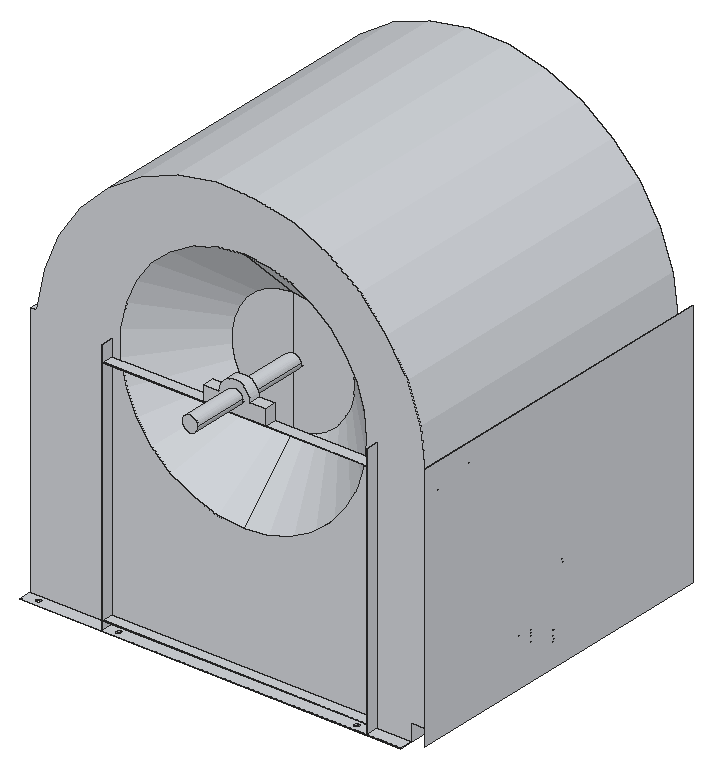
Revit family "CA_DWDI_CCW_BHD", category Mechanical Equipment, Revit 2019 (continued)
Types (61): name | X/2 | X | W/2 | W | V | U | T | S | R/2 | R+R | R | P-N-M | P-N | P | N | M/2 | M | L | K | J | INLET/2 | INLET | H-1.5 | H | G/5*3 | G/10*3 | G-2.5" | G-(G/5*3) | G+((G/5*3)+2") | G | F-((D-A)/2) | F | E/2 | E | D/2 | D | BHD_L | B/2 | B+.25" | B | A/2 | A+.25" | A | Type Comments | -P | -((B+.25")/2) | (M-(B+.25"))/2 | (G/5*3)+2" | (D-A-.25")/2 | ((B+.25")/2)
  540_CA-DWDI_CCW_BHD_CLASS_2 | 44 5/32" | 88 5/16" | 17/32" | 1 1/16" | 20" | 29" | 40 23/32" | 81 7/16" | 1 31/32" | 7 7/8" | 3 15/16" | 2 1/4" | -86 3/16" | 99 15/16" | 13 3/4" | 41 31/32" | 83 15/16" | 41 31/32" | 94" | 52 1/4" | 30" | 60" | 97 1/4" | 98 3/4" | 30" | 15" | 58 1/16" | 2" | 124" | 62" | 103 19/32" | 105 13/16" | 41 3/16" | 82 3/8" | 30 3/32" | 60 3/16" | 3 1/4" | 38 31/32" | 78 3/16" | 77 15/16" | 27 7/8" | 56" | 55 3/4" | "Airfoil Centrifugal Blower Counter-Clockwise Bottom Horizontal Arrangement 3 Class 2" | -99 15/16" | -39 3/32" | 2 7/8" | 32" | 2 3/32" | 39 3/32"
  540_CA-DWDI_CCW_BHD_CLASS_3 | 44 5/32" | 88 5/16" | 17/32" | 1 1/16" | 20" | 29" | 40 23/32" | 81 7/16" | 1 31/32" | 7 7/8" | 3 15/16" | 2 1/16" | -86" | 100 3/16" | 14 3/16" | 41 31/32" | 83 15/16" | 41 31/32" | 94" | 52 1/4" | 30" | 60" | 97 1/4" | 98 3/4" | 30" | 15" | 58 1/16" | 2" | 124" | 62" | 103 19/32" | 105 13/16" | 41 3/16" | 82 3/8" | 30 3/32" | 60 3/16" | 3 1/4" | 38 31/32" | 78 3/16" | 77 15/16" | 27 7/8" | 56" | 55 3/4" | "Airfoil Centrifugal Blower Counter-Clockwise Bottom Horizontal Arrangement 3 Class 3" | -100 3/16" | -39 3/32" | 2 7/8" | 32" | 2 3/32" | 39 3/32"
  600_CA-DWDI_CCW_BHD_CLASS_2 | 48 5/16" | 96 5/8" | 17/32" | 1 1/16" | 22" | 32" | 44 7/8" | 89 3/4" | 1 31/32" | 7 7/8" | 3 15/16" | 2 1/4" | -94 1/2" | 108 3/4" | 14 1/4" | 46 1/8" | 92 1/4" | 46 1/8" | 105" | 57 15/16" | 33" | 66" | 108 1/8" | 109 5/8" | 33" | 16 1/2" | 65 1/16" | 3" | 137" | 69" | 115 15/32" | 117 11/16" | 45 11/32" | 90 11/16" | 33 5/16" | 66 5/8" | 3 3/4" | 43 1/8" | 86 1/2" | 86 1/4" | 31 3/32" | 62 7/16" | 62 3/16" | "Airfoil Centrifugal Blower Counter-Clockwise Bottom Horizontal Arrangement 3 Class 2" | -108 3/4" | -43 1/4" | 2 7/8" | 35" | 2 3/32" | 43 1/4"
  600_CA-DWDI_CCW_BHD_CLASS_3 | 48 5/16" | 96 5/8" | 17/32" | 1 1/16" | 22" | 32" | 44 7/8" | 89 3/4" | 2 7/32" | 8 7/8" | 4 7/16" | 3 3/4" | -96" | 110 3/4" | 14 3/4" | 46 1/8" | 92 1/4" | 46 1/8" | 105" | 57 15/16" | 33" | 66" | 108 1/8" | 109 5/8" | 33" | 16 1/2" | 64 9/16" | 3" | 137" | 69" | 115 15/32" | 117 11/16" | 45 11/32" | 90 11/16" | 33 5/16" | 66 5/8" | 3 3/4" | 43 1/8" | 86 1/2" | 86 1/4" | 31 3/32" | 62 7/16" | 62 3/16" | "Airfoil Centrifugal Blower Counter-Clockwise Bottom Horizontal Arrangement 3 Class 3" | -110 3/4" | -43 1/4" | 2 7/8" | 35" | 2 3/32" | 43 1/4"
  660_CA-DWDI_CCW_BHD_CLASS_2 | 52 5/8" | 105 1/4" | 17/32" | 1 1/16" | 25" | 35" | 49 3/16" | 98 3/8" | 2 7/32" | 8 7/8" | 4 7/16" | 2 7/16" | -103 5/16" | 118 5/8" | 15 5/16" | 50 7/16" | 100 7/8" | 50 7/16" | 116" | 63 3/4" | 36" | 72" | 119 1/8" | 120 5/8" | 36" | 18" | 70 9/16" | 3" | 149" | 75" | 126 11/32" | 128 9/16" | 49 21/32" | 99 5/16" | 36 7/16" | 72 7/8" | 3 1/4" | 47 7/16" | 95 1/8" | 94 7/8" | 34 7/32" | 68 11/16" | 68 7/16" | "Airfoil Centrifugal Blower Counter-Clockwise Bottom Horizontal Arrangement 3 Class 2" | -118 5/8" | -47 9/16" | 2 7/8" | 38" | 2 3/32" | 47 9/16"
  660_CA-DWDI_CCW_BHD_CLASS_3 | 52 5/8" | 105 1/4" | 17/32" | 1 1/16" | 25" | 35" | 49 3/16" | 98 3/8" | 2 7/32" | 8 7/8" | 4 7/16" | 4 3/8" | -105 1/4" | 119 7/8" | 14 5/8" | 50 7/16" | 100 7/8" | 50 7/16" | 116" | 63 3/4" | 36" | 72" | 119 1/8" | 120 5/8" | 36" | 18" | 70 9/16" | 3" | 149" | 75" | 126 11/32" | 128 9/16" | 49 21/32" | 99 5/16" | 36 7/16" | 72 7/8" | 3 1/4" | 47 7/16" | 95 1/8" | 94 7/8" | 34 7/32" | 68 11/16" | 68 7/16" | "Airfoil Centrifugal Blower Counter-Clockwise Bottom Horizontal Arrangement 3 Class 3" | -119 7/8" | -47 9/16" | 2 7/8" | 38" | 2 3/32" | 47 9/16"
  730 _CA-DWDI_CCW_BHD_CLASS_2 | 57 9/16" | 115 1/8" | 17/32" | 1 1/16" | 28" | 38 1/2" | 54 1/8" | 108 1/4" | 2 7/32" | 8 7/8" | 4 7/16" | 3 3/4" | -114 1/2" | 130 3/4" | 16 1/4" | 55 3/8" | 110 3/4" | 55 3/8" | 129" | 70 3/8" | 39 1/2" | 79" | 131 3/4" | 133 1/4" | 39 1/2" | 19 3/4" | 78 9/16" | 4" | 164" | 83" | 140 1/32" | 142 1/4" | 54 19/32" | 109 3/16" | 40 1/8" | 80 1/4" | 3 5/8" | 52 3/8" | 105" | 104 3/4" | 37 29/32" | 76 1/16" | 75 13/16" | "Airfoil Centrifugal Blower Counter-Clockwise Bottom Horizontal Arrangement 3 Class 2" | -130 3/4" | -52 1/2" | 2 7/8" | 41 1/2" | 2 3/32" | 52 1/2"
  730 _CA-DWDI_CCW_BHD_CLASS_3 | 57 9/16" | 115 1/8" | 17/32" | 1 1/16" | 28" | 38 1/2" | 54 1/8" | 108 1/4" | 2 15/32" | 9 7/8" | 4 15/16" | 3 3/4" | -114 1/2" | 131 1/4" | 16 3/4" | 55 3/8" | 110 3/4" | 55 3/8" | 129" | 70 3/8" | 39 1/2" | 79" | 131 3/4" | 133 1/4" | 39 1/2" | 19 3/4" | 78 1/16" | 4" | 164" | 83" | 140 1/32" | 142 1/4" | 54 19/32" | 109 3/16" | 40 1/8" | 80 1/4" | 3 5/8" | 52 3/8" | 105" | 104 3/4" | 37 29/32" | 76 1/16" | 75 13/16" | "Airfoil Centrifugal Blower Counter-Clockwise Bottom Horizontal Arrangement 3 Class 3" | -131 1/4" | -52 1/2" | 2 7/8" | 41 1/2" | 2 3/32" | 52 1/2"
